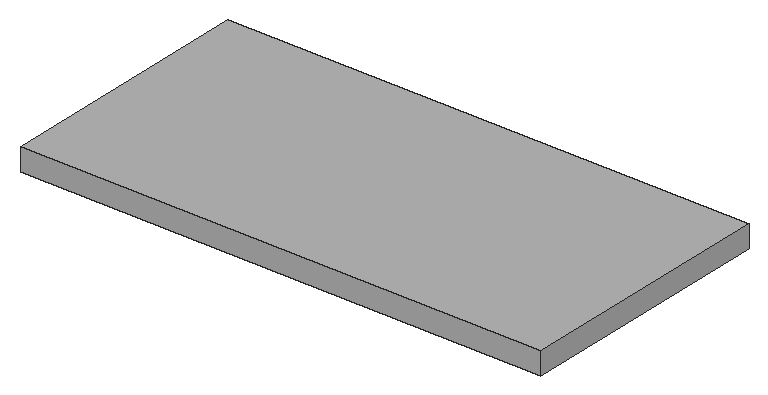
Revit family "Sound Silencer - Ceiling Tiles", category Specialty Equipment, Revit 2023
Family settings
  Round Connector Dimension = Use Diameter
  Part Type = Normal
  OmniClass Number = 23.35.00.00
  OmniClass Title = Covering, Cladding, and Finishes
  Work Plane-Based = Yes
  Enable Cutting in Views = Yes
  Always vertical = No
  Cut with Voids When Loaded = No
  Maintain Annotation Orientation = No
  Shared = No
  Room Calculation Point = No
Parameters (values of type "2 INCH - 23-3/4" x 47-3/4" - Charcoal")
  ‍      2. Thickness 2" = Thickness Options = 2  # yes
  ‍      1. Thickness 1" = Thickness Options = 1  # no
  URL = "https://www.acousticalsurfaces.com/sound-silencer/ceiling-tile/"
  Type Comments = "Ceiling Tiles"
  Thickness Options = 2
  T = if(Thickness Options = 1, 0' 1", 0' 0") + if(Thickness Options = 2, 0' 2", 0' 0")  # 0' - 2"
  Recycled Content Percentage = "0%"
  Model = "Sound Silencer - Ceiling Tiles"
  Material = "Sound Silencer"
  Manufacturer = "Acoustical Surfaces, Inc."
  Fire Rating = "ASTM E84 - Class A"
  Finish = Paint - Acoustical-Surfaces - Sound Silencer - Charcoal
  Width = 1' - 11 3/4"
  Length = 3' - 11 3/4"
  Description = "Ceiling Tiles"
  Default Elevation = 4' - 0"
  Assembly Code = "C30"
  Acoustics - NRC = "Sound absorption varies from NRC 0.45 to 0.95 based on installation method used when tested per ASTM C423."
  A = 0' - 0"
Types (8): name | ‍      2. Thickness 2" | ‍      1. Thickness 1" | Thickness Options | T | Finish | Width | Length
  2 INCH - 23-3/4" x 47-3/4" - Charcoal | yes | no | 2 | 0' - 2" | Paint - Acoustical-Surfaces - Sound Silencer - Charcoal | 1' - 11 3/4" | 3' - 11 3/4"
  2 INCH - 23-3/4" x 47-3/4" - White | yes | no | 2 | 0' - 2" | Paint - Acoustical-Surfaces - Sound Silencer - White | 1' - 11 3/4" | 3' - 11 3/4"
  2 INCH - 23-3/4" x 23-3/4" - Charcoal | yes | no | 2 | 0' - 2" | Paint - Acoustical-Surfaces - Sound Silencer - Charcoal | 2' - 0" | 2' - 0"
  2 INCH - 23-3/4" x 23-3/4" - White | yes | no | 2 | 0' - 2" | Paint - Acoustical-Surfaces - Sound Silencer - White | 1' - 11 3/4" | 1' - 11 3/4"
  1 INCH - 23-3/4" x 23-3/4" - Charcoal | no | yes | 1 | 0' - 1" | Paint - Acoustical-Surfaces - Sound Silencer - Charcoal | 1' - 11 3/4" | 1' - 11 3/4"
  1 INCH - 23-3/4" x 23-3/4" - White | no | yes | 1 | 0' - 1" | Paint - Acoustical-Surfaces - Sound Silencer - White | 1' - 11 3/4" | 1' - 11 3/4"
  1 INCH - 23-3/4" x 47-3/4" - White | no | yes | 1 | 0' - 1" | Paint - Acoustical-Surfaces - Sound Silencer - White | 1' - 11 3/4" | 3' - 11 3/4"
  1 INCH - 23-3/4" x 47-3/4" - Charcoal | no | yes | 1 | 0' - 1" | Paint - Acoustical-Surfaces - Sound Silencer - Charcoal | 1' - 11 3/4" | 3' - 11 3/4"
Reference planes (in)
  plane 1 "Center (Front/Back)": y = 0
  plane 2: z = 0
  plane 3 "Center (Left/Right)": x = 0
  plane 4: x = -23.875
  plane 5: x = 23.875
  plane 6: y = 11.875
  plane 7: y = -11.875
  plane 8: z = 2
Dimensions and locks (in)
  "A": nested 1 to level
  equal spacing: plane 4, plane 3 "Center (Left/Right)", plane 5
  equal spacing: plane 7, plane 1 "Center (Front/Back)", plane 6
  "Length": plane 4 to plane 5
  "Width": plane 7 to plane 6
  "T": plane 8 to plane 2
  aligned and locked: level to plane 2
Nested families (in)
  nested 1: "Square" at (0, 0, 0), type "Square"
    with Thickness 0' - 2", B 1' - 11 3/4", A 3' - 11 3/4"
Definition of nested family "Square"
  Parameters (values of type "Square")
    Thickness = 0' - 1"
    Material = none
    Default Elevation = 0' - 0"
    B = 2' - 0"
    A = 4' - 0"
  Reference planes (in)
    plane 1 "Center (Front/Back)": y = 0
    plane 2: z = 0
    plane 3 "Center (Left/Right)": x = 0
    plane 4: x = -24
    plane 5: x = 24
    plane 6: y = 12
    plane 7: y = -12
    plane 8: z = 1
  Forms (in)
    Extrusion 1, solid, material <- "Material"
      sketch origin (0, 0, 0) x (1, 0, 0) y (0, 1, 0)
        loop
          line (24, 12) -> (-24, 12) -> (-24, -12) -> (24, -12) -> (24, 12)
      from 0 to 1
  Dimensions and locks (in)
    equal spacing: plane 4, plane 3 "Center (Left/Right)", plane 5
    equal spacing: plane 7, plane 1 "Center (Front/Back)", plane 6
    "B": plane 7 to plane 6
    "A": plane 4 to plane 5
    "Thickness": plane 8 to level
    aligned and locked: level to plane 2
    aligned and locked: Extrusion 1 sketch curve to plane 4
    aligned and locked: plane 5 to Extrusion 1 sketch curve
    aligned and locked: Extrusion 1 sketch curve to plane 6
    aligned and locked: Extrusion 1 sketch curve to plane 7
    aligned and locked: Extrusion 1 to plane 8
